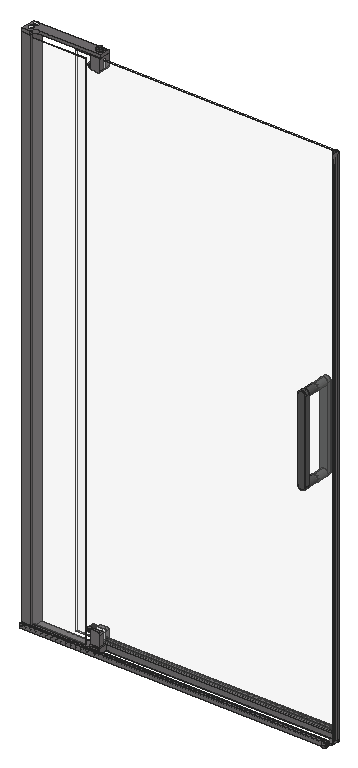
Revit family "Shower-Shower_Door-KOHLER-Revel-K-707531_1", category Specialty Equipment, host Face, Revit 2022 (continued)
Definition of nested family "K-707531"
  Automatic sketch dimensions
    plane 1 "Center (Front/Back)" to curve 94 = 0"
    curve 75 to plane 14 = 0"
    curve 78 to plane 27 = 0"
    curve 147 to plane 27 = 0"
    plane 15 to curve 135 = 0"
    plane 15 to curve 136 = 0"
    curve 150 to plane 29 = 0"
    curve 159 to plane 31 = 0"
    plane 30 to curve 161 = 0.03753"
    plane 30 to curve 152 = 0.14173"
    plane 15 to curve 150 = 0"
    plane 19 "A" to curve 131 = 0.03673"
    plane 18 to curve 131 = 0.13423"
    plane 20 "B" to curve 116 = 0.03673"
    plane 18 to curve 116 = 0.13423"
    plane 18 to curve 128 = 0.03673"
    plane 18 to curve 123 = 0.03673"
    plane 18 to curve 108 = 0.03673"
    plane 18 to curve 119 = 0.03673"
    curve 118 to plane 18 = 0.03673"
    curve 109 to plane 18 = 0.03673"
    curve 130 to plane 18 = 0.03673"
    curve 124 to plane 18 = 0.03673"
    curve 125 to plane 19 "A" = 0.03673"
    curve 122 to curve 125 = 0.0975"
    plane 20 "B" to curve 112 = 0.03673"
    curve 110 to curve 112 = 0.0975"
    curve 81 to curve 81 = 0.09093"
    curve 85 to plane 5 = 61/256"
    curve 84 to plane 5 = 0.03"
    curve 83 to plane 5 = 0.03"
    plane 1 "Center (Front/Back)" to curve 102 = 0.02884"
    plane 5 to curve 102 = 0.76063"
    plane 20 "B" to curve 141 = 0.16284"
    curve 102 to curve 141 = 0.04852"
    curve 102 to curve 96 = 0.09966"
    curve 102 to curve 104 = 0.09966"
    curve 141 to curve 143 = 0.07988"
    curve 96 to curve 140 = 0.02874"
    curve 140 to curve 94 = 0.0001"
    curve 95 to curve 103 = 0.02884"
    curve 140 to curve 100 = 0.02895"
    plane 1 "Center (Front/Back)" to curve 103 = 0.02884"
    curve 103 to curve 103 = 0.09966"
    plane 1 "Center (Front/Back)" to curve 142 = 0.04856"
    curve 142 to plane 27 = 0.23277"
    curve 157 to plane 31 = 0.03365"
    plane 31 to curve 158 = 0.01322"
    plane 31 to curve 156 = 0.02423"
    curve 156 to curve 154 = 0.00633"
    curve 155 to curve 153 = 0.05885"
    plane 31 to curve 155 = 0.08389"
    plane 1 "Center (Front/Back)" to curve 160 = 0.00425"
    curve 155 to curve 160 = 0.02009"
    plane 31 to curve 162 = 0.15086"
    curve 163 to curve 163 = 0.02441"
    curve 148 to plane 30 = 0.05767"
    curve 147 to plane 30 = 0.05767"
    curve 80 to curve 79 = 0.1652"
    curve 84 to plane 15 = 0.4581"
    curve 84 to curve 85 = 0.11575"
    curve 130 to curve 129 = 0.0975"
    plane 19 "A" to curve 130 = 0.03673"
    curve 127 to plane 19 "A" = 0.03673"
    curve 120 to curve 121 = 0.0975"
    plane 1 "Center (Front/Back)" to curve 162 = 0.18411"
    curve 163 to curve 148 = 0.02361"
    curve 104 to curve 104 = 0.09966"
    curve 101 to plane 1 "Center (Front/Back)" = 0.02884"
    curve 96 to plane 1 "Center (Front/Back)" = 0.02884"
    curve 96 to curve 140 = 0.00248"
    curve 155 to plane 1 "Center (Front/Back)" = 0.09118"
    curve 99 to curve 97 = 0.09966"
    curve 155 to curve 154 = 0.06544"
    curve 154 to curve 156 = 0.00927"
    curve 111 to plane 20 "B" = 0.13423"
    curve 114 to plane 20 "B" = 0.03673"
    curve 119 to plane 20 "B" = 0.03673"
    curve 158 to curve 157 = 0.0175"
    curve 108 to curve 108 = 0.0975"
    curve 141 to curve 144 = 0.00699"
    curve 88 to curve 81 = 0.00607"
    plane 5 to curve 87 = 0.27052"
    plane 5 to curve 74 = 0.38638"
    curve 94 to curve 102 = 0.2311"
    curve 92 to curve 102 = 0.08693"
    plane 20 "B" to curve 141 = 0.01706"
    curve 74 to curve 141 = 0.00276"
    curve 140 to curve 141 = 0"
    curve 143 to curve 141 = 0.01712"
    curve 141 to curve 144 = 0.00256"
    curve 146 to curve 75 = 0.02854"
    plane 1 "Center (Front/Back)" to curve 142 = 0.13925"
    curve 75 to plane 27 = 0.1683"
    curve 89 to plane 27 = 0.04478"
    curve 135 to plane 19 "A" = 0.21563"
    curve 135 to plane 6 "K" = 0.49213"
    curve 132 to plane 20 "B" = 0.11924"
    curve 132 to plane 6 "K" = 0.49213"
    curve 138 to plane 6 "K" = 0.49213"
    plane 6 "K" to curve 136 = 0.49213"
    curve 134 to curve 136 = 0"
    plane 6 "K" to curve 138 = 0.49213"
    curve 156 to plane 29 = 0.05792"
    curve 156 to curve 139 = 0.00498"
    curve 163 to curve 161 = 0.0027"
    plane 30 to curve 162 = 0.01307"
    curve 136 to curve 137 = 0.05765"
    curve 137 to curve 151 = 0.2007"
    curve 151 to curve 152 = 0.06438"
    curve 87 to curve 90 = 0.123"
    curve 89 to curve 87 = 0.11678"
    curve 77 to curve 148 = 0.17575"
    curve 150 to plane 19 "A" = 0.21563"
    curve 136 to plane 19 "A" = 0.21563"
    curve 76 to curve 148 = 0.06517"
    curve 76 to plane 14 = 0.19046"
    curve 133 to plane 14 = 0.19046"
    curve 134 to plane 14 = 0.19046"
    plane 12 to curve 138 = 0.51403"
    curve 35 to curve 36 = 0"
    plane 4 to curve 3 = 0"
    plane 4 to curve 5 = 0"
    curve 1 to plane 7 = 0"
    curve 4 to plane 16 = 0"
    curve 4 to plane 17 = 0"
    curve 3 to plane 8 = 0"
    curve 14 to plane 21 "C" = 0"
    curve 6 to plane 5 = 0"
    curve 5 to plane 5 = 0"
    curve 33 to plane 17 = 0"
    curve 13 to plane 16 = 0"
    curve 20 to plane 8 = 0"
    curve 23 to plane 7 = 0"
    curve 34 to plane 17 = 0"
    curve 15 to plane 16 = 0"
    curve 166 to plane 22 = 0"
    plane 30 to curve 17 = 0.14173"
    curve 165 to plane 30 = 0"
    curve 149 to plane 22 = 0"
    curve 35 to plane 9 "D" = 0"
    curve 6 to plane 17 = 0"
    curve 14 to plane 5 = 0.03234"
    plane 9 "D" to curve 33 = 0.02692"
    plane 5 to curve 33 = 0.26228"
    curve 7 to plane 21 "C" = 0.03784"
    plane 5 to curve 7 = 0.28002"
    plane 9 "D" to curve 30 = 0.27933"
    curve 8 to curve 8 = 0.24016"
    curve 30 to plane 27 = 0.31124"
    curve 10 to plane 21 "C" = 0.03893"
    curve 10 to plane 27 = 0.28385"
    plane 9 "D" to curve 34 = 0.02692"
    plane 31 to curve 166 = 0.15086"
    plane 16 to curve 18 = 0.04195"
    plane 7 to curve 2 = 0.03277"
    plane 18 to curve 2 = 0.246"
    curve 2 to curve 1 = 0"  (x2)
    curve 1 to plane 18 = 0.246"
    curve 4 to plane 18 = 0.48083"
    curve 1 to curve 3 = 0.23863"
    plane 5 to curve 22 = 0.26706"
    curve 31 to curve 36 = 0.02188"
    plane 26 to curve 25 = 0.16051"
    plane 5 to curve 25 = 0.56409"
    plane 16 to curve 12 = 0.12358"
    curve 7 to curve 12 = 0.37288"
    curve 12 to curve 13 = 0"
    curve 25 to curve 24 = 23/256"
    curve 22 to curve 20 = 0.38688"
    curve 24 to curve 23 = 0"  (x2)
    curve 20 to curve 21 = 0"  (x2)
    curve 20 to plane 27 = 0.45049"
    curve 23 to curve 20 = 0"
    curve 13 to curve 11 = 0.40467"
    curve 13 to curve 12 = 0.00481"
    curve 24 to curve 25 = 23/256"
    curve 22 to plane 27 = 0.06361"
    curve 15 to plane 27 = 0.04478"
    curve 167 to plane 29 = 0.05794"
    curve 149 to plane 28 = 0.05484"
    curve 16 to level = 0.00013"
    curve 18 to curve 15 = 0.13054"
    plane 16 to curve 11 = 0.16295"
    curve 166 to curve 19 = 0.42563"
    plane 16 to curve 6 = 0.46758"
    curve 7 to curve 6 = 0"
    plane 21 "C" to curve 14 = 0.31068"
    curve 35 to plane 9 "D" = 0.16965"
    curve 22 to plane 8 = 0.13399"
    curve 21 to plane 8 = 0.07121"
    curve 24 to curve 25 = 0.063"
    Extrusion 1 sketch curve to level = 0"
    Extrusion 1 sketch curve to plane 15 = 0.06835"
    Extrusion 1 sketch curve to Extrusion 1 sketch curve = 0.0575"
    Extrusion 1 sketch curve to Extrusion 1 sketch curve = 0.00517"
    Extrusion 1 sketch curve to Extrusion 1 sketch curve = 0.01419"
    Extrusion 1 sketch curve to Extrusion 1 sketch curve = 0.06095"
    level to Extrusion 1 sketch curve = 1/16"
    Extrusion 1 sketch curve to plane 19 "A" = 0.24875"
    Extrusion 1 sketch curve to Extrusion 1 sketch curve = 0.0269"
    Extrusion 1 sketch curve to plane 14 = 0.11294"
    Extrusion 1 sketch curve to plane 14 = 0.10972"
    level to Extrusion 1 sketch curve = 0.0362"
    level to Extrusion 1 sketch curve = 0.1353"
    Extrusion 1 sketch curve to Extrusion 1 sketch curve = 0.18081"
    Extrusion 1 sketch curve to plane 16 = 0.14992"
    Extrusion 2 sketch curve to plane 15 = 0"
    Extrusion 2 sketch curve to plane 16 = 0"
    Extrusion 2 sketch curve to level = 0"
    Extrusion 2 sketch curve to Extrusion 2 sketch curve = 0.02565"
    Extrusion 2 sketch curve to Extrusion 2 sketch curve = 0.04849"
    Extrusion 2 sketch curve to plane 15 = 0.06835"
    Extrusion 2 sketch curve to Extrusion 2 sketch curve = 0.01986"
    Extrusion 2 sketch curve to Extrusion 2 sketch curve = 0.13"
    Extrusion 2 sketch curve to Extrusion 2 sketch curve = 0.03"
    Extrusion 2 sketch curve to Extrusion 2 sketch curve = 0.02306"
    level to Extrusion 2 sketch curve = 0.06"
    Extrusion 2 sketch curve to plane 19 "A" = 0.21563"
    Extrusion 2 sketch curve to level = 0.00012"
    Extrusion 2 sketch curve to Extrusion 2 sketch curve = 0.05002"
    Extrusion 2 sketch curve to Extrusion 2 sketch curve = 0.06012"
    Extrusion 2 sketch curve to Extrusion 2 sketch curve = 0.23886"
    Extrusion 2 sketch curve to Extrusion 2 sketch curve = 0.03927"
    Extrusion 3 sketch curve to plane 15 = 0"
    Extrusion 3 sketch curve to plane 16 = 0"
    plane 15 to Extrusion 3 sketch curve = 0.01592"
    Extrusion 3 sketch curve to Extrusion 3 sketch curve = 0.01926"
    Extrusion 3 sketch curve to plane 15 = 0.27398"
    Extrusion 3 sketch curve to Extrusion 3 sketch curve = 0.02839"
    level to Extrusion 3 sketch curve = 0.12718"
    Extrusion 3 sketch curve to Extrusion 3 sketch curve = 0.02873"
    Extrusion 3 sketch curve to Extrusion 3 sketch curve = 0.00215"
    Extrusion 3 sketch curve to Extrusion 3 sketch curve = 0.01786"
    Extrusion 3 sketch curve to Extrusion 3 sketch curve = 0.03964"
    level to Extrusion 3 sketch curve = 0.02652"
    Extrusion 3 sketch curve to plane 19 "A" = 0.24875"
    Extrusion 3 sketch curve to level = 0.00012"
    Extrusion 3 sketch curve to plane 20 "B" = 0.05137"
    Extrusion 3 sketch curve to plane 20 "B" = 0.04724"
    Extrusion 3 sketch curve to plane 20 "B" = 0.01862"
    level to Extrusion 3 sketch curve = 0.03588"
    Extrusion 3 sketch curve to Extrusion 3 sketch curve = 0.03586"
    Extrusion 3 sketch curve to Extrusion 3 sketch curve = 0.17605"
    plane 16 to Extrusion 3 sketch curve = 0.01936"
    Extrusion 4 sketch curve to plane 4 = 0"  (x3)
    Extrusion 4 sketch curve to Extrusion 4 sketch curve = 0.0602"  (x3)
    plane 18 to Extrusion 4 sketch curve = 0.07962"  (x2)
    Extrusion 4 sketch curve to plane 18 = 0.12868"
    Extrusion 4 sketch curve to Extrusion 4 sketch curve = 0.35216"
    Extrusion 4 sketch curve to plane 14 = 0.06541"
    Extrusion 4 sketch curve to plane 18 = 0.48463"
    Extrusion 4 sketch curve to Extrusion 4 sketch curve = 0.08028"
    Extrusion 4 sketch curve to plane 20 "B" = 0.05739"
    Extrusion 4 sketch curve to Extrusion 4 sketch curve = 0.06414"
    Extrusion 4 sketch curve to plane 19 "A" = 0.12285"
    Extrusion 4 sketch curve to plane 19 "A" = 0.05862"
    plane 19 "A" to Extrusion 4 sketch curve = 0.29112"
    Extrusion 4 sketch curve to Extrusion 4 sketch curve = 0.11575"
    Extrusion 4 sketch curve to plane 15 = 0.32135"
    Extrusion 4 sketch curve to Extrusion 4 sketch curve = 0.063"
    plane 18 to Extrusion 5 sketch curve = 0.07962"  (x2)
    Extrusion 5 sketch curve to plane 18 = 0.12868"
    Extrusion 5 sketch curve to plane 5 = 61/256"
    Extrusion 5 sketch curve to plane 5 = 0.03"  (x2)
    Extrusion 5 sketch curve to plane 15 = 0.4581"
    Extrusion 5 sketch curve to Extrusion 5 sketch curve = 0.11575"
    Extrusion 6 sketch curve to plane 14 = 0"
    Extrusion 6 sketch curve to plane 15 = 0.20009"
    Extrusion 6 sketch curve to plane 18 = 0.45693"
    Extrusion 6 sketch curve to Extrusion 6 sketch curve = 0.09093"
    Extrusion 6 sketch curve to Extrusion 6 sketch curve = 0.51584"
    Extrusion 6 sketch curve to Extrusion 6 sketch curve = 0.07427"
    Revolve 7 sketch curve to plane 7 = 0.10388"
    Revolve 7 sketch curve to Revolve 7 sketch curve = 0.03277"
    Revolve 7 sketch curve to Revolve 7 sketch curve = 0.17753"
    Revolve 7 sketch curve to plane 26 = 0.02929"
    Revolve 7 sketch curve to Revolve 7 sketch curve = 0.2419"
    Revolve 8 sketch curve to Revolve 8 sketch curve = 0.03277"
    Revolve 8 sketch curve to Revolve 8 sketch curve = 0.17753"
    Revolve 8 sketch curve to plane 7 = 0.10388"
    plane 26 to Revolve 8 sketch curve = 0.01062"
    Revolve 8 sketch curve to plane 26 = 0.13893"
    Extrusion 9 sketch curve to level = 0"
    Extrusion 9 sketch curve to plane 15 = 0.06835"
    Extrusion 9 sketch curve to Extrusion 9 sketch curve = 0.0575"
    Extrusion 9 sketch curve to Extrusion 9 sketch curve = 0.11628"
    Extrusion 9 sketch curve to Extrusion 9 sketch curve = 0.01"
    Extrusion 9 sketch curve to Extrusion 9 sketch curve = 0.0365"
    Extrusion 9 sketch curve to plane 16 = 0.00492"  (x2)
    Extrusion 9 sketch curve to Extrusion 9 sketch curve = 0.03091"
    Extrusion 9 sketch curve to Extrusion 9 sketch curve = 0.05911"
    Extrusion 9 sketch curve to Extrusion 9 sketch curve = 1/8"
    Extrusion 9 sketch curve to Extrusion 9 sketch curve = 0.04573"
    Extrusion 9 sketch curve to Extrusion 9 sketch curve = 0.27637"
    Extrusion 9 sketch curve to Extrusion 9 sketch curve = 0.06091"
    Extrusion 9 sketch curve to Extrusion 9 sketch curve = 0.04562"
    level to Extrusion 9 sketch curve = 1/16"
    Extrusion 9 sketch curve to plane 19 "A" = 0.24913"
    Extrusion 9 sketch curve to Extrusion 9 sketch curve = 1/32"
    Extrusion 9 sketch curve to plane 14 = 0.07674"
    level to Extrusion 9 sketch curve = 0.13559"
    level to Extrusion 9 sketch curve = 1/4"
    Extrusion 9 sketch curve to Extrusion 9 sketch curve = 0.05172"
    Extrusion 9 sketch curve to plane 16 = 0.14992"
    Extrusion 10 sketch curve to plane 21 "C" = 0.03784"
    plane 5 to Extrusion 10 sketch curve = 0.28002"
    Extrusion 10 sketch curve to Extrusion 10 sketch curve = 0.03852"
    Extrusion 10 sketch curve to Extrusion 10 sketch curve = 0.24016"
    Extrusion 10 sketch curve to plane 21 "C" = 0.03893"
    Extrusion 10 sketch curve to plane 27 = 0.28385"
    Extrusion 10 sketch curve to Extrusion 10 sketch curve = 0.03937"
    plane 16 to Extrusion 10 sketch curve = 0.16295"
    plane 1 "Center (Front/Back)" to Extrusion 11 sketch curve = 0.223"
    Extrusion 11 sketch curve to plane 20 "B" = 0.04449"
    plane 16 to Extrusion 11 sketch curve = 0.46758"
    Extrusion 11 sketch curve to plane 21 "C" = 0.5088"
    plane 5 to Extrusion 12 sketch curve = 0.29971"
    Extrusion 12 sketch curve to plane 21 "C" = 0.25831"
    Extrusion 12 sketch curve to Extrusion 12 sketch curve = 0.22047"
    Extrusion 12 sketch curve to plane 21 "C" = 0.03893"
    Extrusion 12 sketch curve to plane 27 = 0.28385"
    plane 16 to Extrusion 12 sketch curve = 0.46758"
    plane 20 "B" to Revolve 13 sketch curve = 0.069"
    plane 20 "B" to Revolve 13 sketch curve = 0.02888"
    Revolve 13 sketch curve to plane 20 "B" = 0.14723"
    Revolve 13 sketch curve to Revolve 13 sketch curve = 0.03917"  (x2)
    plane 1 "Center (Front/Back)" to Revolve 13 sketch curve = 0.097"
    Revolve 13 sketch curve to Revolve 13 sketch curve = 0.17611"
    Revolve 13 sketch curve to plane 5 = 0.03234"  (x2)
    Revolve 13 sketch curve to plane 19 "A" = 0.19948"
    Revolve 13 sketch curve to plane 5 = 0.18945"
    Revolve 13 sketch curve to Revolve 13 sketch curve = 0.1116"  (x2)
    Revolve 13 sketch curve to Revolve 13 sketch curve = 0.00353"  (x2)
    Revolve 13 sketch curve to Revolve 13 sketch curve = 0.138"
    Revolve 13 sketch curve to Revolve 13 sketch curve = 0"
    plane 5 to Extrusion 14 sketch curve = 0.48346"
    Extrusion 14 sketch curve to Extrusion 14 sketch curve = 0.10908"  (x7)
    Extrusion 14 sketch curve to Extrusion 14 sketch curve = 0.40681"
    Extrusion 14 sketch curve to Extrusion 14 sketch curve = 0"  (x2)
    plane 21 "C" to Extrusion 14 sketch curve = 0.69196"
    Extrusion 14 sketch curve to Extrusion 14 sketch curve = 0.06298"  (x6)
    Extrusion 14 sketch curve to Extrusion 14 sketch curve = 0.12596"  (x6)
    Revolve 15 sketch curve to plane 5 = 0"  (x2)
    plane 20 "B" to Revolve 15 sketch curve = 0.07592"
    plane 20 "B" to Revolve 15 sketch curve = 0.0358"
    Revolve 15 sketch curve to plane 20 "B" = 0.14031"
    Revolve 15 sketch curve to Revolve 15 sketch curve = 0.03917"  (x2)
    plane 1 "Center (Front/Back)" to Revolve 15 sketch curve = 0.09007"
    Revolve 15 sketch curve to Revolve 15 sketch curve = 0.17611"
    Revolve 15 sketch curve to Revolve 15 sketch curve = 0.04012"
    Revolve 15 sketch curve to plane 5 = 0.15711"
    Revolve 15 sketch curve to Revolve 15 sketch curve = 0.1116"  (x2)
    Revolve 15 sketch curve to Revolve 15 sketch curve = 0.00353"  (x2)
    Revolve 15 sketch curve to Revolve 15 sketch curve = 0.04117"
    Revolve 15 sketch curve to Revolve 15 sketch curve = 0.03191"
    plane 1 "Center (Front/Back)" to Extrusion 16 sketch curve = 0.1776"
    plane 1 "Center (Front/Back)" to Extrusion 16 sketch curve = 0.13662"
    Extrusion 16 sketch curve to Extrusion 16 sketch curve = 0.01969"
    plane 1 "Center (Front/Back)" to Extrusion 16 sketch curve = 0.097"
    Extrusion 16 sketch curve to plane 1 "Center (Front/Back)" = 0.019"
    Extrusion 16 sketch curve to plane 1 "Center (Front/Back)" = 0.135"
    Extrusion 16 sketch curve to Extrusion 16 sketch curve = 0.01577"
    Extrusion 16 sketch curve to Extrusion 16 sketch curve = 0.06816"
    Extrusion 16 sketch curve to Extrusion 16 sketch curve = 0.02029"
    Extrusion 16 sketch curve to plane 20 "B" = 0.06943"
    Extrusion 16 sketch curve to plane 20 "B" = 0.05981"
    Extrusion 16 sketch curve to plane 20 "B" = 0.04455"
    Extrusion 16 sketch curve to Extrusion 16 sketch curve = 0.00192"
    Extrusion 16 sketch curve to Extrusion 16 sketch curve = 0.02195"
    Extrusion 16 sketch curve to plane 20 "B" = 0.0158"
    plane 20 "B" to Extrusion 16 sketch curve = 0.02709"
    plane 20 "B" to Extrusion 16 sketch curve = 0.1554"
    Extrusion 16 sketch curve to Extrusion 16 sketch curve = 0.13668"
    Extrusion 16 sketch curve to plane 14 = 0.10279"
    plane 12 to Extrusion 16 sketch curve = 0.13751"
    level to Extrusion 16 sketch curve = 0.02205"
    plane 16 to Extrusion 16 sketch curve = 0.38094"
    plane 16 to Extrusion 16 sketch curve = 0.46758"
    Extrusion 16 sketch curve to Extrusion 16 sketch curve = 0.05297"
    Extrusion 16 sketch curve to Extrusion 16 sketch curve = 0.06092"
    Extrusion 16 sketch curve to Extrusion 16 sketch curve = 0.00797"
    Extrusion 16 sketch curve to Extrusion 16 sketch curve = 0.08"
    Extrusion 16 sketch curve to Extrusion 16 sketch curve = 0.0482"
    Extrusion 16 sketch curve to Extrusion 16 sketch curve = 0.00549"
    Extrusion 16 sketch curve to Extrusion 16 sketch curve = 0.13016"
    Extrusion 16 sketch curve to Extrusion 16 sketch curve = 0.17562"
    Extrusion 16 sketch curve to Extrusion 16 sketch curve = 0.03365"
    Extrusion 16 sketch curve to Extrusion 16 sketch curve = 0.22138"
    Extrusion 16 sketch curve to Extrusion 16 sketch curve = 0.42658"
    Extrusion 16 sketch curve to Extrusion 16 sketch curve = 0.04739"
    Extrusion 16 sketch curve to plane 21 "C" = 0.6411"
    Extrusion 16 sketch curve to Extrusion 16 sketch curve = 0"  (x4)
    Extrusion 16 sketch curve to plane 20 "B" = 0.00715"
    Extrusion 16 sketch curve to Extrusion 16 sketch curve = 0.00661"
    Extrusion 17 sketch curve to Extrusion 17 sketch curve = 0.03321"  (x2)
    plane 9 "D" to Extrusion 17 sketch curve = 0.02692"  (x2)
    Extrusion 17 sketch curve to plane 27 = 0.05882"
    plane 5 to Extrusion 17 sketch curve = 0.51469"
    plane 1 "Center (Front/Back)" to Extrusion 18 sketch curve = 0.22762"
    Extrusion 18 sketch curve to plane 20 "B" = 0.08637"
    plane 5 to Extrusion 19 sketch curve = 0.28196"
    plane 9 "D" to Extrusion 19 sketch curve = 0.02692"  (x2)
    Extrusion 19 sketch curve to Extrusion 19 sketch curve = 0.23273"
    Extrusion 19 sketch curve to plane 27 = 0.31124"
    plane 1 "Center (Front/Back)" to Extrusion 20 sketch curve = 0.1605"
    Extrusion 20 sketch curve to plane 5 = 2.07363"
    Extrusion 20 sketch curve to plane 1 "Center (Front/Back)" = 0.152"
    Extrusion 20 sketch curve to Extrusion 20 sketch curve = 0"
    Extrusion 20 sketch curve to Extrusion 20 sketch curve = 0.19516"
    plane 1 "Center (Front/Back)" to Extrusion 20 sketch curve = 0.00425"
    plane 31 to Extrusion 20 sketch curve = 0.10398"
    plane 23 to Extrusion 21 sketch curve = 0.06719"  (x4)
    plane 5 to Extrusion 21 sketch curve = 0.46627"
    Extrusion 21 sketch curve to plane 23 = 0.12174"  (x2)
    Extrusion 21 sketch curve to Extrusion 21 sketch curve = 0.10908"  (x7)
    plane 23 to Extrusion 21 sketch curve = 0.00422"  (x2)
    Extrusion 21 sketch curve to plane 22 = 0.12366"  (x2)
    Extrusion 21 sketch curve to Extrusion 21 sketch curve = 0.40862"
    Extrusion 21 sketch curve to Extrusion 21 sketch curve = 0"
    Extrusion 21 sketch curve to plane 23 = 0.05876"  (x4)
    Revolve 22 sketch curve to plane 11 = 0"
    plane 24 to Revolve 22 sketch curve = 0.24424"
    plane 12 to Revolve 22 sketch curve = 0.51403"
    Revolve 22 sketch curve to plane 1 "Center (Front/Back)" = 0.135"
    plane 1 "Center (Front/Back)" to Revolve 22 sketch curve = 0.097"
    Revolve 22 sketch curve to plane 15 = 0.05765"
    Revolve 22 sketch curve to plane 12 = 1.06078"
    Revolve 22 sketch curve to Revolve 22 sketch curve = 0.3937"
    plane 1 "Center (Front/Back)" to Revolve 23 sketch curve = 0.097"
    Revolve 23 sketch curve to plane 25 = 0.24424"
    Revolve 23 sketch curve to plane 1 "Center (Front/Back)" = 0.135"
    plane 12 to Revolve 23 sketch curve = 0.51403"
    Revolve 23 sketch curve to plane 15 = 0.05765"
    Revolve 23 sketch curve to plane 12 = 3.81668"
    Revolve 23 sketch curve to Revolve 23 sketch curve = 0.7874"
    Sweep 24 sketch curve to profile plane = 0"
    Sweep 24 sketch curve to profile plane = 0.03819"
    Sweep 24 sketch curve to Sweep 24 sketch curve = 0.03217"
    plane 1 "Center (Front/Back)" to Sweep 24 sketch curve = 1.47495"
    Sweep 24 sketch curve to Sweep 24 sketch curve = 0.48457"
    Extrusion 25 sketch curve to plane 25 = 0"
    Sweep 26 sketch curve to profile plane = 0"
    profile plane to Sweep 26 sketch curve = 0.03596"
    Sweep 26 sketch curve to Sweep 26 sketch curve = 0.04726"
    Sweep 26 sketch curve to plane 1 "Center (Front/Back)" = 2.10994"
    Sweep 26 sketch curve to Sweep 26 sketch curve = 0.47807"
    Extrusion 27 sketch curve to plane 25 = 0"
    Extrusion 27 sketch curve to plane 24 = 0"
    plane 1 "Center (Front/Back)" to Extrusion 28 sketch curve = 0"
    Extrusion 28 sketch curve to plane 27 = 0.68567"
    Masking region 1 sketch curve to Masking region 1 sketch curve = 0"  (x4)
    plane 18 to Masking region 1 sketch curve = 0"
    Masking region 1 sketch curve to plane 7 = 0"  (x2)
    Masking region 1 sketch curve to plane 5 = 0"
    Masking region 1 sketch curve to plane 26 = 0"
    Masking region 1 sketch curve to plane 16 = 0"  (x2)
    Masking region 1 sketch curve to plane 8 = 0"
    Masking region 1 sketch curve to plane 17 = 0"
    Masking region 1 sketch curve to plane 28 = 0"
    Masking region 1 sketch curve to level = 0"
    plane 18 to Masking region 1 sketch curve = 0.246"
    plane 7 to Masking region 1 sketch curve = 0.03277"
    Masking region 1 sketch curve to plane 18 = 0.246"
    plane 5 to Masking region 1 sketch curve = 0.26228"
    Masking region 1 sketch curve to plane 8 = 0.07121"  (x2)
    Masking region 1 sketch curve to Masking region 1 sketch curve = 0.00478"
    Masking region 1 sketch curve to Masking region 1 sketch curve = 0.28002"
    Masking region 1 sketch curve to Masking region 1 sketch curve = 0.03852"
    Masking region 1 sketch curve to Masking region 1 sketch curve = 0.11286"
    plane 7 to Masking region 1 sketch curve = 0.1409"  (x2)
    plane 5 to Masking region 1 sketch curve = 0.52953"
    plane 26 to Masking region 1 sketch curve = 0.16051"  (x2)
    Masking region 1 sketch curve to Masking region 1 sketch curve = 0.03457"  (x2)
    plane 26 to Masking region 1 sketch curve = 0.02092"  (x2)
    Masking region 1 sketch curve to Masking region 1 sketch curve = 0.01962"
    plane 26 to Masking region 1 sketch curve = 0.02431"
    Masking region 1 sketch curve to Masking region 1 sketch curve = 0.33436"
    Masking region 1 sketch curve to Masking region 1 sketch curve = 0.12442"
    Masking region 1 sketch curve to Masking region 1 sketch curve = 0.27402"
    Masking region 1 sketch curve to plane 27 = 0.45049"
    plane 16 to Masking region 1 sketch curve = 0.12358"
    Masking region 1 sketch curve to plane 27 = 0.44945"
    Masking region 1 sketch curve to Masking region 1 sketch curve = 0.04616"
    Masking region 1 sketch curve to Masking region 1 sketch curve = 0.02407"
    Masking region 1 sketch curve to Masking region 1 sketch curve = 23/256"
    Masking region 1 sketch curve to plane 27 = 0.17647"
    Masking region 1 sketch curve to plane 27 = 0.08415"
    Masking region 1 sketch curve to plane 27 = 0.06361"
    Masking region 1 sketch curve to plane 27 = 0.05882"
    Masking region 1 sketch curve to plane 27 = 0.04478"
    Masking region 1 sketch curve to Masking region 1 sketch curve = 0.12358"
    Masking region 1 sketch curve to Masking region 1 sketch curve = 0.03937"
    Masking region 1 sketch curve to Masking region 1 sketch curve = 0.30548"
    Masking region 1 sketch curve to Masking region 1 sketch curve = 0.09599"  (x2)
    Masking region 1 sketch curve to plane 7 = 0.10415"
    Masking region 2 sketch curve to Masking region 2 sketch curve = 0"  (x7)
    Masking region 2 sketch curve to level = 0"  (x2)
    Masking region 2 sketch curve to plane 15 = 0"  (x2)
    Masking region 2 sketch curve to plane 10 = 0"
    Masking region 2 sketch curve to plane 12 = 0"
    Masking region 2 sketch curve to plane 13 = 0"
    Masking region 2 sketch curve to plane 11 = 0"  (x2)
    Masking region 2 sketch curve to plane 8 = 0"
    Masking region 2 sketch curve to plane 19 "A" = 0"
    Masking region 2 sketch curve to plane 20 "B" = 0"
    Masking region 2 sketch curve to plane 7 = 0"  (x2)
    Masking region 2 sketch curve to plane 14 = 0"
    Masking region 2 sketch curve to level = 0.00012"
    level to Masking region 2 sketch curve = 0.01986"
    Masking region 2 sketch curve to Masking region 2 sketch curve = 0.0269"
    level to Masking region 2 sketch curve = 0.03588"
    Masking region 2 sketch curve to Masking region 2 sketch curve = 0.0331"
    Masking region 2 sketch curve to Masking region 2 sketch curve = 0.00251"
    Masking region 2 sketch curve to Masking region 2 sketch curve = 0.05002"
    Masking region 2 sketch curve to Masking region 2 sketch curve = 0.06012"
    Masking region 2 sketch curve to Masking region 2 sketch curve = 0.0053"
    level to Masking region 2 sketch curve = 0.21702"
    Masking region 2 sketch curve to Masking region 2 sketch curve = 0.03298"  (x2)
    Masking region 2 sketch curve to Masking region 2 sketch curve = 0.12887"
    Masking region 2 sketch curve to Masking region 2 sketch curve = 0.04783"
    Masking region 2 sketch curve to Masking region 2 sketch curve = 0.04523"
    Masking region 2 sketch curve to Masking region 2 sketch curve = 0.056"
    Masking region 2 sketch curve to Masking region 2 sketch curve = 0.112"
    Masking region 2 sketch curve to plane 16 = 0.06492"
    plane 16 to Masking region 2 sketch curve = 0.01936"
    Masking region 2 sketch curve to Masking region 2 sketch curve = 0.0226"
    Masking region 2 sketch curve to plane 14 = 0.01249"  (x4)
    plane 16 to Masking region 2 sketch curve = 0.12358"
    plane 14 to Masking region 2 sketch curve = 0.03695"  (x2)
    Masking region 2 sketch curve to Masking region 2 sketch curve = 0.65502"
    plane 21 "C" to Masking region 2 sketch curve = 0.37702"
    Masking region 2 sketch curve to plane 21 "C" = 0.278"
    Masking region 2 sketch curve to Masking region 2 sketch curve = 0.03937"
    Masking region 2 sketch curve to Masking region 2 sketch curve = 0.04189"
    Masking region 2 sketch curve to plane 15 = 0.05765"
    plane 25 to Masking region 2 sketch curve = 0.49008"
    Masking region 2 sketch curve to plane 14 = 0.06541"  (x3)
    plane 25 to Masking region 2 sketch curve = 0.49213"
    Masking region 2 sketch curve to plane 24 = 0.49213"  (x2)
    Masking region 2 sketch curve to plane 11 = 0.03937"
    Masking region 2 sketch curve to plane 11 = 0.03773"
    plane 9 "D" to Masking region 2 sketch curve = 0.27933"
    Masking region 2 sketch curve to plane 23 = 0.18476"
    Masking region 2 sketch curve to plane 22 = 0.06065"
    Masking region 2 sketch curve to plane 8 = 0.13399"
    Masking region 2 sketch curve to plane 7 = 0.10301"  (x2)
    plane 7 to Masking region 2 sketch curve = 0.03265"  (x3)
    Masking region 2 sketch curve to Masking region 2 sketch curve = 0.10825"
    plane 20 "B" to Masking region 2 sketch curve = 0.05679"
    plane 7 to Masking region 2 sketch curve = 0.17155"
    plane 20 "B" to Masking region 2 sketch curve = 0.03811"
    Masking region 2 sketch curve to Masking region 2 sketch curve = 0.03235"
    Masking region 2 sketch curve to Masking region 2 sketch curve = 0.063"
    plane 26 to Masking region 2 sketch curve = 0.03296"  (x2)
    plane 26 to Masking region 2 sketch curve = 0.02837"  (x2)
    plane 12 to Masking region 2 sketch curve = 0.51403"
    Masking region 2 sketch curve to Masking region 2 sketch curve = 0.05292"  (x2)
    Masking region 2 sketch curve to plane 14 = 0.07674"
    plane 20 "B" to Masking region 2 sketch curve = 0.00335"
    Masking region 2 sketch curve to plane 20 "B" = 0.01523"
    plane 1 "Center (Front/Back)" to Masking region 2 sketch curve = 0.23689"
    Masking region 2 sketch curve to Masking region 2 sketch curve = 0.03674"
    Masking region 2 sketch curve to plane 19 "A" = 0.27565"
    Masking region 2 sketch curve to Masking region 2 sketch curve = 0.06964"
    Masking region 2 sketch curve to Masking region 2 sketch curve = 0.08795"
    Masking region 2 sketch curve to Masking region 2 sketch curve = 0.03313"
    Masking region 2 sketch curve to Masking region 2 sketch curve = 0.03477"
    Masking region 2 sketch curve to plane 15 = 0.25835"  (x2)
    Masking region 2 sketch curve to Masking region 2 sketch curve = 0.2007"
    Masking region 2 sketch curve to plane 15 = 0.25635"
    Masking region 2 sketch curve to Masking region 2 sketch curve = 0.028"
    Masking region 2 sketch curve to Masking region 2 sketch curve = 0.0365"
    Masking region 2 sketch curve to plane 15 = 0.20009"
    Masking region 2 sketch curve to Masking region 2 sketch curve = 0.01419"
    Masking region 2 sketch curve to Masking region 2 sketch curve = 0.00901"
    Masking region 2 sketch curve to Masking region 2 sketch curve = 0.0575"
    Masking region 2 sketch curve to plane 15 = 0.06835"  (x2)
    plane 15 to Masking region 2 sketch curve = 0.01592"
    curve 42 to level = 0"
    curve 41 to plane 15 = 0"
    curve 40 to plane 16 = 0"
    curve 53 to plane 10 = 0"
    curve 55 to plane 10 = 0"
    curve 56 to plane 10 = 0"
    curve 54 to plane 10 = 0"
    curve 60 to plane 11 = 0"
    curve 57 to plane 11 = 0"
    curve 59 to plane 11 = 0"
    curve 58 to plane 11 = 0"
    curve 50 to plane 8 = 0"
    curve 64 to plane 7 = 0"
    curve 65 to plane 7 = 0"
    level to curve 38 = 1/4"
    curve 41 to curve 41 = 0.02565"
    curve 39 to plane 16 = 0.02306"
    curve 69 to plane 20 "B" = 0.00166"
    curve 69 to plane 7 = 0.10106"
    plane 7 to curve 67 = 0.03265"
    curve 67 to plane 1 "Center (Front/Back)" = 0.07518"
    curve 38 to plane 15 = 0.25835"
    level to curve 44 = 0.06988"
    curve 44 to curve 44 = 0.06012"
    curve 44 to curve 43 = 0.13028"
    curve 43 to curve 41 = 0.12427"
    curve 40 to curve 38 = 0.04195"
    plane 16 to curve 45 = 0.12358"
    curve 46 to plane 14 = 0.01249"
    curve 45 to curve 46 = 0.65502"
    plane 21 "C" to curve 46 = 0.37702"
    curve 45 to plane 14 = 0.06541"
    curve 45 to plane 21 "C" = 0.278"
    curve 56 to plane 15 = 0.05765"
    plane 25 to curve 56 = 0.49008"
    curve 56 to curve 54 = 0"
    curve 53 to plane 14 = 0.06541"
    plane 25 to curve 53 = 0.49213"
    plane 25 to curve 55 = 0.49213"
    curve 57 to plane 14 = 0.06541"
    curve 57 to plane 24 = 0.49213"
    curve 60 to plane 15 = 0.05765"
    curve 60 to plane 24 = 0.49213"
    curve 60 to curve 59 = 0"
    curve 58 to plane 24 = 0.49213"
    curve 61 to plane 14 = 0.06541"
    plane 9 "D" to curve 61 = 0.27933"
    curve 62 to plane 14 = 0.01249"
    curve 62 to plane 23 = 0.18476"
    curve 62 to plane 22 = 0.06065"
    curve 61 to plane 8 = 0.13399"
    plane 7 to curve 66 = 0.03265"
    curve 71 to plane 20 "B" = 0.14018"
    plane 20 "B" to curve 69 = 0.05679"
    plane 20 "B" to curve 70 = 0.00355"
    curve 69 to curve 70 = 0.03235"
    curve 47 to plane 14 = 0.14569"
    curve 64 to plane 14 = 0.14464"
    curve 68 to curve 64 = 0"
    curve 37 to curve 47 = 0.03597"
    curve 63 to plane 14 = 0.06541"
    plane 12 to curve 55 = 0.51403"
    plane 12 to curve 58 = 0.51403"
    curve 48 to plane 20 "B" = 0.05739"
    curve 48 to curve 49 = 0.06414"
    plane 1 "Center (Front/Back)" to curve 71 = 0.23519"
    curve 71 to curve 64 = 0.0017"
    curve 64 to curve 66 = 0.06964"
    curve 65 to curve 66 = 0"
    curve 71 to curve 70 = 0.08965"
    curve 50 to plane 19 "A" = 0.12285"
    curve 51 to plane 19 "A" = 0.05862"
    plane 19 "A" to curve 65 = 0.24536"
    curve 66 to curve 65 = 0"
    curve 52 to plane 15 = 0.32135"
    curve 54 to curve 56 = 0.2007"
    curve 59 to curve 60 = 0.2007"
    curve 52 to curve 63 = 0.063"
    curve 43 to plane 15 = 0.06835"
    curve 44 to plane 15 = 0.06835"
    Masking region 3 sketch curve to plane 14 = 0"  (x3)
    Masking region 3 sketch curve to plane 27 = 0"  (x2)
    plane 15 to Masking region 3 sketch curve = 0"  (x2)
    plane 12 to Masking region 3 sketch curve = 0"
    plane 13 to Masking region 3 sketch curve = 0"
    Masking region 3 sketch curve to plane 6 "K" = 0"
    Masking region 3 sketch curve to plane 31 = 0"
    plane 5 to Masking region 3 sketch curve = 0.38638"
    plane 14 to Masking region 3 sketch curve = 0.03695"  (x2)
    Masking region 3 sketch curve to Masking region 3 sketch curve = 0.3937"
    Masking region 3 sketch curve to Masking region 3 sketch curve = 0.23449"
    Masking region 3 sketch curve to plane 27 = 0.1683"
    Masking region 3 sketch curve to plane 19 "A" = 0.21563"
    Masking region 3 sketch curve to plane 6 "K" = 0.49213"  (x3)
    Masking region 3 sketch curve to Masking region 3 sketch curve = 0.03693"
    Masking region 3 sketch curve to plane 13 = 0.05243"
    plane 6 "K" to Masking region 3 sketch curve = 0.4397"
    plane 12 to Masking region 3 sketch curve = 0.03693"
    plane 6 "K" to Masking region 3 sketch curve = 0.4552"
    plane 1 "Center (Front/Back)" to Masking region 3 sketch curve = 0.1776"
    plane 6 "K" to Masking region 3 sketch curve = 0.49213"
    Masking region 3 sketch curve to Masking region 3 sketch curve = 0.05243"
    Masking region 3 sketch curve to plane 20 "B" = 0.00182"
    Masking region 3 sketch curve to plane 28 = 0.0305"
    Masking region 3 sketch curve to Masking region 3 sketch curve = 0.15865"  (x2)
    Masking region 3 sketch curve to Masking region 3 sketch curve = 0.19046"
    Masking region 3 sketch curve to plane 14 = 0.19046"
    Extrusion 29 sketch curve to Extrusion 29 sketch curve = 0"  (x5)
    plane 20 "B" to Extrusion 29 sketch curve = 0.16284"
    Extrusion 29 sketch curve to plane 27 = 0.76566"
    Extrusion 29 sketch curve to plane 1 "Center (Front/Back)" = 0.03132"
    Extrusion 29 sketch curve to Extrusion 29 sketch curve = 0.07988"
    plane 1 "Center (Front/Back)" to Extrusion 29 sketch curve = 0.04856"
    Extrusion 29 sketch curve to plane 27 = 0.23277"
    Extrusion 29 sketch curve to plane 14 = 0.07796"
    Extrusion 30 sketch curve to Extrusion 30 sketch curve = 0"  (x2)
    plane 20 "B" to Extrusion 30 sketch curve = 0.16983"
    Extrusion 30 sketch curve to plane 27 = 0.68578"
    plane 18 to Extrusion 33 sketch curve = 0.07962"  (x2)
    Extrusion 33 sketch curve to plane 18 = 0.12868"
    Extrusion 33 sketch curve to plane 15 = 0.25835"
    Extrusion 33 sketch curve to plane 15 = 0.4581"
    Extrusion 33 sketch curve to Extrusion 33 sketch curve = 0.11575"
    Extrusion 33 sketch curve to plane 14 = 0.06541"
    Extrusion 34 sketch curve to level = 0"
    Extrusion 34 sketch curve to plane 15 = 0"
    Extrusion 34 sketch curve to plane 16 = 0"
    level to Extrusion 34 sketch curve = 1/4"
    Extrusion 34 sketch curve to plane 15 = 0.25835"
    Extrusion 34 sketch curve to plane 20 "B" = 0.01862"
    Extrusion 35 sketch curve to plane 28 = 0.0305"
    Extrusion 35 sketch curve to plane 28 = 0.03401"
    Extrusion 35 sketch curve to Extrusion 35 sketch curve = 0.03177"
    plane 30 to Extrusion 35 sketch curve = 0.03753"
    plane 30 to Extrusion 35 sketch curve = 0.01307"
    Extrusion 35 sketch curve to plane 30 = 11/64"
    Extrusion 35 sketch curve to Extrusion 35 sketch curve = 0.00967"
    plane 31 to Extrusion 35 sketch curve = 0.16509"
    Extrusion 35 sketch curve to Extrusion 35 sketch curve = 0.02441"
    plane 31 to Extrusion 35 sketch curve = 0.08389"
    Extrusion 35 sketch curve to plane 20 "B" = 0.03683"  (x2)
    plane 31 to Extrusion 35 sketch curve = 0.07207"
    plane 31 to Extrusion 35 sketch curve = 0.03056"
    Extrusion 35 sketch curve to Extrusion 35 sketch curve = 0.00633"
    plane 31 to Extrusion 35 sketch curve = 0.01322"
    Extrusion 35 sketch curve to plane 31 = 0.03365"
    Extrusion 35 sketch curve to plane 29 = 0.05794"
    Extrusion 35 sketch curve to Extrusion 35 sketch curve = 0.11878"
    Extrusion 35 sketch curve to Extrusion 35 sketch curve = 0.00927"
    Extrusion 35 sketch curve to Extrusion 35 sketch curve = 0.06544"
    plane 1 "Center (Front/Back)" to Extrusion 35 sketch curve = 0.1617"
    Extrusion 35 sketch curve to plane 19 "A" = 0.07176"
    Extrusion 35 sketch curve to plane 19 "A" = 0.03474"
    Extrusion 35 sketch curve to plane 20 "B" = 0.03232"
    Revolve 36 sketch curve to plane 26 = 0"
    Revolve 36 sketch curve to plane 8 = 0.07121"
    plane 5 to Revolve 36 sketch curve = 0.26706"
    plane 7 to Revolve 36 sketch curve = 0.1409"
    plane 5 to Revolve 36 sketch curve = 0.52953"
    plane 26 to Revolve 36 sketch curve = 0.16051"
    Revolve 36 sketch curve to Revolve 36 sketch curve = 0.03457"
    plane 26 to Revolve 36 sketch curve = 0.02391"
    Revolve 36 sketch curve to Revolve 36 sketch curve = 0.0192"
    plane 26 to Revolve 36 sketch curve = 0.02777"
    Revolve 36 sketch curve to Revolve 36 sketch curve = 0.38688"
    Revolve 36 sketch curve to Revolve 36 sketch curve = 0.0629"
    Revolve 36 sketch curve to Revolve 36 sketch curve = 0.23519"
    Revolve 36 sketch curve to plane 8 = 0.13399"
    plane 26 to Revolve 36 sketch curve = 0.0456"
    Revolve 36 sketch curve to Revolve 36 sketch curve = 0"  (x2)
    Revolve 36 sketch curve to plane 26 = 0.2969"
    Extrusion 37 sketch curve to plane 8 = 0.13399"
    Extrusion 37 sketch curve to Extrusion 37 sketch curve = 0.03321"  (x2)
    Extrusion 37 sketch curve to plane 27 = 0.05882"
    plane 5 to Extrusion 37 sketch curve = 0.26228"
    plane 15 to Masking region 3 sketch curve = 0.03852"
    curve 169 to plane 28 = 0"
    radius of curve 95 = 0.32504"
    radius of Extrusion 14 sketch curve = 0.18898"  (x2)
    radius of Extrusion 21 sketch curve = 0.18898"  (x2)
    radius of Extrusion 28 sketch curve = 0.23622"
    radius of Extrusion 30 sketch curve = 0.07731"
    radius of Extrusion 30 sketch curve = 0.097"
Types (7): name | Type | Secondary Finish | Product Page URL | Product Documentation Link | Model | Handle Finish | Finish | Description
  (no name) | 1 | Kohler-Glass-L-Crystal_Clear | "http://www.us.kohler.com/us/catalog/productDetails.jsp?productId=707531-L" | "https://www.us.kohler.com/webassets/kpna/catalog/pdf/en/K-707531-L_spec_US-CA_Kohler_en.pdf" | "K-707531-L-ABZ" | Kohler-Metal-BL-Matte_Black | Kohler-Metal-ABZ-Anodized_Dark_Bronze | "Pivot shower door, 70inch H x 35-1/8 - 40inch W, with 5/16inch thick Crystal Clear glass"
  Clear Glass, ABZ-Anodized Dark Bronze | 1 | Kohler-Glass-L-Crystal_Clear | "http://www.us.kohler.com/us/catalog/productDetails.jsp?productId=707531-L" | "https://www.us.kohler.com/webassets/kpna/catalog/pdf/en/K-707531-L_spec_US-CA_Kohler_en.pdf" | "K-707531-L-ABZ" | Kohler-Metal-BL-Matte_Black | Kohler-Metal-ABZ-Anodized_Dark_Bronze | "Pivot shower door, 70inch H x 35-1/8 - 40inch W, with 5/16inch thick Crystal Clear glass"
  Clear Glass, BNK-Anodized Brushed Nickel | 2 | Kohler-Glass-L-Crystal_Clear | "http://www.us.kohler.com/us/catalog/productDetails.jsp?productId=707531-L" | "https://www.us.kohler.com/webassets/kpna/catalog/pdf/en/K-707531-L_spec_US-CA_Kohler_en.pdf" | "K-707531-L-BNK" | Kohler-Metal-BN-Vibrant_Brushed_Nickel | Kohler-Metal-BNK-Anodized_Brushed_Nickel | "Pivot shower door, 70inch H x 35-1/8 - 40inch W, with 5/16inch thick Crystal Clear glass"
  Clear Glass, SHP-Bright Polished Silver | 3 | Kohler-Glass-L-Crystal_Clear | "http://www.us.kohler.com/us/catalog/productDetails.jsp?productId=707531-L" | "https://www.us.kohler.com/webassets/kpna/catalog/pdf/en/K-707531-L_spec_US-CA_Kohler_en.pdf" | "K-707531-L-SHP" | Kohler-Metal-CP-Polished_Chrome | Kohler-Metal-SHP-Bright_Polished_Silver | "Pivot shower door, 70inch H x 35-1/8 - 40inch W, with 5/16inch thick Crystal Clear glass"
  Frosted Glass, ABZ-Anodized Dark Bronze | 4 | KOHLER-Frosted_Glass | "http://www.us.kohler.com/us/catalog/productDetails.jsp?productId=707531-D3" | "https://www.us.kohler.com/webassets/kpna/catalog/pdf/en/K-707531-D3_spec_US-CA_Kohler_en.pdf" | "K-707531-D3-ABZ" | Kohler-Metal-BL-Matte_Black | Kohler-Metal-ABZ-Anodized_Dark_Bronze | "Pivot shower door, 70inch H x 35-1/8 - 40inch W, with 5/16inch thick Frosted glass"
  Frosted Glass, BNK-Anodized Brushed Nickel | 5 | KOHLER-Frosted_Glass | "http://www.us.kohler.com/us/catalog/productDetails.jsp?productId=707531-D3" | "https://www.us.kohler.com/webassets/kpna/catalog/pdf/en/K-707531-D3_spec_US-CA_Kohler_en.pdf" | "K-707531-D3-BNK" | Kohler-Metal-BN-Vibrant_Brushed_Nickel | Kohler-Metal-BNK-Anodized_Brushed_Nickel | "Pivot shower door, 70inch H x 35-1/8 - 40inch W, with 5/16inch thick Frosted glass"
  Frosted Glass, SHP-Bright Polished Silver | 6 | KOHLER-Frosted_Glass | "http://www.us.kohler.com/us/catalog/productDetails.jsp?productId=707531-D3" | "https://www.us.kohler.com/webassets/kpna/catalog/pdf/en/K-707531-D3_spec_US-CA_Kohler_en.pdf" | "K-707531-D3-SHP" | Kohler-Metal-CP-Polished_Chrome | Kohler-Metal-SHP-Bright_Polished_Silver | "Pivot shower door, 70inch H x 35-1/8 - 40inch W, with 5/16inch thick Frosted glass"
